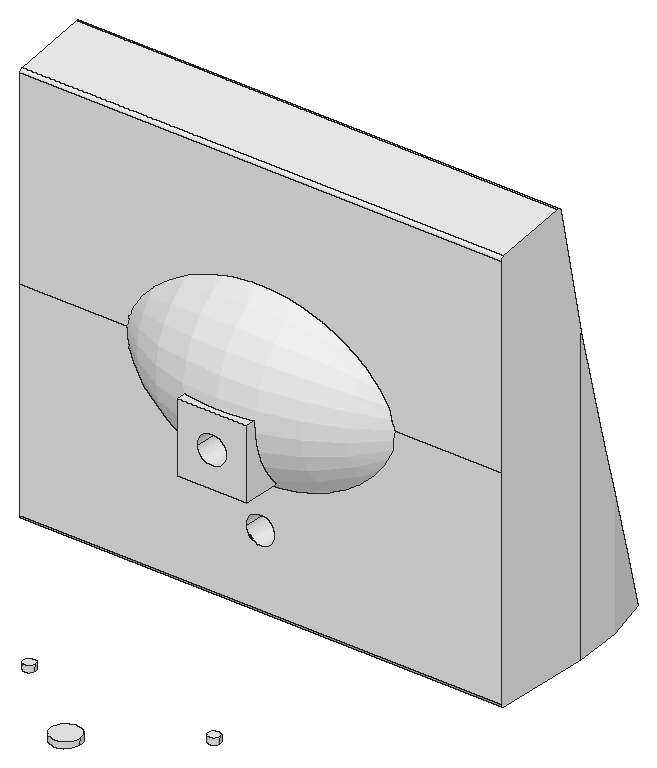
Revit family "Lavatories-Commercial_Rectangle_LT307A_TOTO", category Plumbing Fixtures, host Face, Revit 2013
Parameters
  ecoScorecard_data = "http://toto.ecoscorecard.com/product/LT307A"
  ecoScorecard Product Page = "http://toto.ecoscorecard.com/product/LT307A"
  Width = 20 7/8"  # constant formula
  Waste Connection NPT Radius = 5/8"
  Waste Connection = yes
  Warranty URL = "http://www.totousa.com/warranty-registration"
  Warranty = "One Year Limited Warranty"  # constant formula
  WFU = 0
  Vent Connection = no
  URL = "http://www.totousa.com"
  Toto BIM Number = "BM-00258"  # constant formula
  Subcategory = "Lavatories"  # constant formula
  Style = "Commercial"  # constant formula
  Spec Sheet URL = "http://assets.totousa.com/product-files/SS-00336_LT307.pdf"
  Sink Type = "Lavatory"
  Sink Configuration = "Single Sink"
  Shipping Weight = 40.00 lbf
  SanoGloss Available = no
  Sanitary Connector = "Sanitary Connection"  # constant formula
  Product Page URL = " "
  Mounting = "wall-hung"
  Material = "Vitreous China"
  Manufacturer Toll Free Phone = "1-888-295-8134"  # constant formula
  Manufacturer Phone = "(770) 282-8686"  # constant formula
  Manufacturer Fax = "(770) 282-0002"  # constant formula
  Manufacturer Email = "mailto:custservice@totousa.com"
  Manufacturer Address = "1155 Southern Road, Morrow, Georgia 30260"  # constant formula
  Model = "LT307A"  # constant formula
  Manufacturer = "TOTO USA, Inc."  # constant formula
  Industry Standards = "Meets and exceeds ASME A112.19.2/CSA B45.1"
  Hot Water Connector = "Hot Water Connection"  # constant formula
  Hot Water Connection Radius = 1/4"
  Hot Water Connection Diameter = Hot Water Connection Radius * 2  # 1/2"
  Height = 11 1/8"  # constant formula
  HWFU = 0
  HW Connection = yes
  Finish = Vitreous China - TOTO - 01 Cotton
  Description = "Lavatories, Commercial, Rectangle, Commercial Wall-Hung Lavatory"  # constant formula
  Depth = 18 1/4"  # constant formula
  Default Elevation = 33"
  Cost Info = "mailto:custservice@totousa.com"
  Color Availability = "#01 Cotton, #03 Bone, #12 Sedona Beige"  # constant formula
  Cold Water Connector = "Cold Water Connection"  # constant formula
  Cold Water Connection Radius = 1/4"
  Cold Water Connection Diameter = Cold Water Connection Radius * 2  # 1/2"
  Code Compliance = "UPC, IPC, NSPC, NPC Canada, and others"  # constant formula
  Certifications = "IAPMO(cUPC), State of Massachusetts , City of Los Angeles, and others"  # constant formula
  CWFU = 0
  CW Connection = yes
  Basin Width = 21"
  Basin Depth = 18 1/4"
  Assembly Code = "D2010310"
  ADA Compliant = yes
  95 CSI = "15410"  # constant formula
  04 CSI = "22 42 16"  # constant formula
Types (2): name | ecoScorecard_data | ecoScorecard Product Page
  (no name) | "http://toto.ecoscorecard.com/product/LT307A" | "http://toto.ecoscorecard.com/product/LT307A"
  LT307A | " " | "  "
Reference planes (in)
  plane 1 "Center (Front/Back)": y = 0
  plane 2: z = 0
  plane 3 "Center (Left/Right)": x = 0
  plane 4: x = -10.4375
  plane 5: x = 10.4375
  plane 6: z = 18
  plane 7: y = -11.125
Dimensions and locks (in)
  equal spacing: plane 4, plane 3 "Center (Left/Right)", plane 5
  "Width": nested 1 to nested 1
  plane 6 to host face = 18"
  "Height": plane 1 "Center (Front/Back)" to plane 7
  aligned and locked: plane 2 to host face
  aligned and locked: level to host face
  aligned and locked: plane 3 "Center (Left/Right)" to nested 1
  aligned: nested 1 to plane 1 "Center (Front/Back)"
  aligned and locked: plane 4 to nested 1
  aligned and locked: plane 1 "Center (Front/Back)" to nested 1
Automatic sketch dimensions
  host sketch curve to host sketch curve = 96"  (x2)
Nested families (in)
  nested 1: "LT307A" at (0, -4.1875, 0), type "LT307A"
Connectors (in)
  piping at (-4, -16.03125, -0.25), driven by "Hot Water Connection Radius", driven by "HWFU", driven by "Hot Water Connector", driven by "HW Connection", driven by "HW Connection"
    settings: on nested 1, index 1, connector radius 1/4", flow factor 0, pipe flow 0 GPM, pressure drop 0.00 psi, fitting loss kfactor 0, connector angle 0.00°, fixture units 0, engagement length 0", flow configuration 3, flow direction 1, fitting loss method 0, system type 19, joint type 0, gender type 0, connector reference index -1, connector utility 1, adjustable connector yes, is connector primary yes, fitting loss table "", connector description "Hot Water Connection"
  piping at (0, -19.0625, -0.25), driven by "WFU", driven by "Sanitary Connector", driven by "Waste Connection", driven by "Waste Connection NPT Radius", driven by "Waste Connection"
    settings: on nested 1, index 2, connector radius 5/8", flow factor 0, pipe flow 0 GPM, pressure drop 0.00 psi, fitting loss kfactor 0, connector angle 0.00°, fixture units 0, engagement length 0", flow configuration 3, flow direction 2, fitting loss method 0, system type 16, joint type 0, gender type 0, connector reference index -1, connector utility 1, adjustable connector yes, is connector primary no, fitting loss table "", connector description "Sanitary Connection"
  piping at (4, -16.03125, -0.25), driven by "Cold Water Connection Radius", driven by "CWFU", driven by "Cold Water Connector", driven by "CW Connection", driven by "CW Connection"
    settings: on nested 1, index 3, connector radius 1/4", flow factor 0, pipe flow 0 GPM, pressure drop 0.00 psi, fitting loss kfactor 0, connector angle 0.00°, fixture units 0, engagement length 0", flow configuration 3, flow direction 1, fitting loss method 0, system type 20, joint type 0, gender type 0, connector reference index -1, connector utility 1, adjustable connector yes, is connector primary no, fitting loss table "", connector description "Cold Water Connection"
Definition of nested family "LT307A"
  Parameters (values of type "LT307A")
    Waste Connection = yes
    WFU = 0
    Vent Connection = yes
    URL = ""
    Lavatory Material = Vitreous China - TOTO - 01 Cotton
    Nominal Width = 20 7/8"
    Nominal Length = 18 1/4"
    Nominal Height = 11 1/8"
    Model = ""
    Manufacturer = ""
    HWFU = 0
    HW Connection = yes
    Description = ""
    Default Elevation = 34"
    Cost Info = ""
    CWFU = 0
    CW Connection = yes
    Assembly Code = ""
  Reference planes (in)
    plane 1 "Center (Front/Back)": y = 0
    plane 2: z = 0
    plane 3 "Center (Left/Right)": x = 0
    plane 4: y = 4.1875
    plane 5: y = -4.30728
    plane 6: x = -10.4375
    plane 7: x = 10.4375
    plane 8: z = 3.34142
    plane 9: z = 13.46642
    plane 10: z = 14.60072
    plane 11: z = 4.47578
    plane 12: y = -11.875
    plane 13: x = 4
    plane 14: x = -4
    plane 15: y = -14.875
    plane 16: z = 3.25
    plane 17: z = 7.5
    plane 18: x = -2
    plane 19: x = 2
    plane 20: x = -9.625
    plane 21: x = 9.625
    plane 22: y = -1.12741
    plane 23: y = -2.43228
    plane 24: y = -6.9375
    plane 25: z = 18
    plane 26: y = -27.875
    plane 27: y = -2.43228
    plane 28: y = -2.43228
  Forms (in)
    Extrusion 1, solid
      sketch origin (0, 0, 0) x (1, 0, 0) y (0, 1, 0)
        loop
          line (-48, 48) -> (-48, -48) -> (48, -48) -> (48, 48) -> (-48, 48)
      from 0 to -12
    Extrusion 2, solid, material "Vitreous China - TOTO - 01 Cotton" <- "Lavatory Material", detail levels fine
      sketch origin (10.4375, -4.30763, 9.69723) x (0, 0, -1) y (0, 1, 0)
        loop
          line (0.5771, 0.00035) -> (9.57534, 0.00035)
          arc (9.57534, 0.00035) -> (9.66153, 0.03605) -> (9.69723, 0.12225) r 0.12189
          line (9.69723, 0.12225) -> (9.69723, 8.37536)
          arc (9.69723, 8.37536) -> (0.88603, 5.30773) -> (-8.20239, 3.1986) r 87.24033
          arc (-8.20239, 3.1986) -> (-8.28232, 3.14765) -> (-8.30277, 3.05509) r 0.12377
          line (-8.30277, 3.05509) -> (-7.784, 0.13102)
          arc (-7.784, 0.13102) -> (-7.72135, 0.0368) -> (-7.61424, 0.00035) r 0.1756
          line (-7.61424, 0.00035) -> (0.5771, 0.00035)
      from 0 to -20.875
    Extrusion 3, void
      sketch origin (0, -9.46486, 11.05252) x (1, 0, 0) y (0, 0, -1)
        loop
          line (-7.39304, -7.08675) -> (7.39398, -7.08675)
          arc (7.39398, -7.08675) -> (8.92356, -6.45517) -> (9.56193, -4.92843) r 2.16797
          arc (9.56193, -4.92843) -> (9.11207, 2.51119) -> (7.70385, 9.83014) r 57.51069
          arc (7.70385, 9.83014) -> (7.08554, 10.11387) -> (6.41221, 10.21109) r 2.38018
          line (6.41221, 10.21109) -> (-6.41323, 10.21109)
          arc (-6.41323, 10.21109) -> (-7.08593, 10.114) -> (-7.70372, 9.83065) r 2.37891
          arc (-7.70372, 9.83065) -> (-9.11197, 2.51193) -> (-9.56194, -4.92745) r 57.51069
          arc (-9.56194, -4.92745) -> (-8.92329, -6.45489) -> (-7.39304, -7.08675) r 2.16891
      from 8.33745 to 13.65236
    Extrusion 4, void
      sketch origin (0, 0, 0) x (1, 0, 0) y (0, 0, 1)
        loop
          arc (7.47128, 13.9587) -> (7.38523, 14.14087) -> (7.18869, 14.18522) r 0.2298
          arc (7.18869, 14.18522) -> (-0.08964, 14.60094) -> (-7.36797, 14.18522) r 63.92178
          arc (-7.36797, 14.18522) -> (-7.43097, 14.15913) -> (-7.45706, 14.09613) r 0.08909
          arc (-7.45706, 14.09613) -> (-7.04822, 9.49679) -> (-6.27164, 4.94509) r 57.49829
          arc (-6.27164, 4.94509) -> (-6.19542, 4.83669) -> (-6.07504, 4.78132) r 0.25443
          arc (-6.07504, 4.78132) -> (-0.01753, 4.47781) -> (6.03998, 4.78132) r 60.60172
          arc (6.03998, 4.78132) -> (6.20844, 4.82688) -> (6.30398, 4.97293) r 0.24533
          arc (6.30398, 4.97293) -> (7.0649, 9.44278) -> (7.47128, 13.9587) r 57.50401
      from -1.895 to 3.48758
    Extrusion 5, solid, material "Vitreous China - TOTO - 01 Cotton" <- "Lavatory Material", detail levels fine
      sketch origin (1.41876, -0.15625, 1.5) x (0, 1, 0) y (0, 0, 1)
        loop
          line (-4.15103, 7.47578) -> (-6.78125, 7.47578) -> (-6.78125, 4.47578) -> (-4.15103, 4.47578) -> (-4.15103, 7.47578)
      from 0.08124 to -2.91876
    Extrusion 6, solid, material "Vitreous China - TOTO - 01 Cotton" <- "Lavatory Material"
      sketch origin (0, 0, 0) x (1, 0, 0) y (0, 1, 0)
        loop
          circle (4, -11.84375) r 0.25
        loop
          circle (-4, -11.84375) r 0.25
      from -0.25 to 0
    Extrusion 7, solid, material "Vitreous China - TOTO - 01 Cotton" <- "Lavatory Material"
      sketch origin (0, 0, 0) x (1, 0, 0) y (0, 1, 0)
        loop
          circle (0, -14.875) r 0.625
      from -0.25 to 0
    Extrusion 8, void, detail levels fine
      sketch origin (0, 1.46581, 0) x (1, 0, 0) y (0, 0, 1)
        loop
          circle (0, 7.5) r 0.625
      from 8.40331 to 3.89809
    Revolve 9, solid, material "Vitreous China - TOTO - 01 Cotton" <- "Lavatory Material", detail levels fine
      sketch origin (-8.92536, -0.125, 8.92536) x (1, 0, 0) y (0, 1, 0)
        loop
          line (15.86117, -2.80763) -> (15.71119, -2.80763)
          arc (15.71119, -2.80763) -> (8.92536, -6.42833) -> (2.13953, -2.80763) r 8.16926
          line (2.13953, -2.80763) -> (1.98956, -2.80763)
          arc (1.98956, -2.80763) -> (8.92536, -6.55333) -> (15.86117, -2.80763) r 8.29426
        axis (15.86117, -2.30728) -> (1.98956, -2.30728)
      angle from -90 to 90
    Extrusion 10, void
      sketch origin (65.34541, 0, 7.5) x (0, 1, 0) y (1, 0, 0)
        loop
          arc (-0.03168, -54.90791) -> (2.065, -55.11298) -> (4.08221, -55.72041) r 10.82111
          line (4.08221, -55.72041) -> (5.17582, -55.72041) -> (5.17582, -54.90791) -> (-0.03168, -54.90791)
      from 7.5 to -10.63927
    Extrusion 11, void
      sketch origin (-65.34541, 0, 7.5) x (0, -1, 0) y (-1, 0, 0)
        loop
          line (0.03168, -54.90791) -> (-5.17582, -54.90791) -> (-5.17582, -55.72041) -> (-4.1875, -55.72041)
          arc (-4.1875, -55.72041) -> (-2.11667, -55.11288) -> (0.03168, -54.90791) r 11.36103
      from 7.5 to -10.63927
    Extrusion 12, void, detail levels fine
      sketch origin (0, 0, 0) x (-1, 0, 0) y (0, 0, 1)
        loop
          circle (-0.00424, 3.2284) r 0.61025
      from -4.30728 to -1.12741
    Extrusion 13, void
      sketch origin (65.34541, 0, 7.5) x (0, 1, 0) y (1, 0, 0)
        loop
          spline (-2.12741, -64.59541) -> (-2.25682, -64.62096) -> (-2.37741, -64.69589) -> (-2.48097, -64.81508) -> (-2.56043, -64.97041) -> (-2.61038, -65.15129) -> (-2.62741, -65.34541) -> (-2.61038, -65.53952) -> (-2.56043, -65.72041) -> (-2.48097, -65.87574) -> (-2.37741, -65.99493) -> (-2.25682, -66.06985) -> (-2.12741, -66.09541)
          spline (-2.12741, -66.09541) -> (-1.998, -66.06985) -> (-1.87741, -65.99493) -> (-1.77386, -65.87574) -> (-1.6944, -65.72041) -> (-1.64445, -65.53952) -> (-1.62741, -65.34541) -> (-1.64445, -65.15129) -> (-1.6944, -64.97041) -> (-1.77386, -64.81508) -> (-1.87741, -64.69589) -> (-1.998, -64.62096) -> (-2.12741, -64.59541)
      from -8.56328 to -6.73294
    Extrusion 14, solid, material "Vitreous China - TOTO - 01 Cotton" <- "Lavatory Material", detail levels coarse
      sketch origin (0, 0, 0) x (1, 0, 0) y (0, 0, 1)
        loop
          line (-10.4375, 18) -> (-10.4375, 0) -> (10.4375, 0) -> (10.4375, 18) -> (-10.4375, 18)
      from -4.1875 to 6.9375
    Revolve 15, solid, material "Vitreous China - TOTO - 01 Cotton" <- "Lavatory Material", detail levels medium
      sketch origin (-8.92536, -0.125, 8.92536) x (1, 0, 0) y (0, 1, 0)
        loop
          line (15.86117, -2.80763) -> (15.71119, -2.80763)
          arc (15.71119, -2.80763) -> (8.92536, -6.42833) -> (2.13953, -2.80763) r 8.16926
          line (2.13953, -2.80763) -> (1.98956, -2.80763)
          arc (1.98956, -2.80763) -> (8.92536, -6.55333) -> (15.86117, -2.80763) r 8.29426
        axis (15.86117, -2.30728) -> (1.98956, -2.30728)
      angle from 0 to 360
    Extrusion 16, solid, material "Vitreous China - TOTO - 01 Cotton" <- "Lavatory Material", detail levels medium
      sketch origin (10.4375, -4.30763, 9.69723) x (0, 0, -1) y (0, 1, 0)
        loop
          line (0.5771, 0.00035) -> (9.57534, 0.00035)
          arc (9.57534, 0.00035) -> (9.66153, 0.03605) -> (9.69723, 0.12225) r 0.12189
          line (9.69723, 0.12225) -> (9.69723, 8.37536)
          arc (9.69723, 8.37536) -> (0.88603, 5.30773) -> (-8.20239, 3.1986) r 87.24033
          arc (-8.20239, 3.1986) -> (-8.28232, 3.14765) -> (-8.30277, 3.05509) r 0.12377
          line (-8.30277, 3.05509) -> (-7.784, 0.13102)
          arc (-7.784, 0.13102) -> (-7.72135, 0.0368) -> (-7.61424, 0.00035) r 0.1756
          line (-7.61424, 0.00035) -> (0.5771, 0.00035)
      from -20.875 to 0
    Revolve 17, solid, material "Vitreous China - TOTO - 01 Cotton" <- "Lavatory Material", detail levels medium
      sketch origin (-8.92536, -0.125, 8.92536) x (1, 0, 0) y (0, 1, 0)
        loop
          line (15.86117, -2.80763) -> (15.71119, -2.80763)
          arc (15.71119, -2.80763) -> (8.92536, -6.42833) -> (2.13953, -2.80763) r 8.16926
          line (2.13953, -2.80763) -> (1.98956, -2.80763)
          arc (1.98956, -2.80763) -> (8.92536, -6.55333) -> (15.86117, -2.80763) r 8.29426
        axis (15.86117, -2.30728) -> (1.98956, -2.30728)
      angle from 0 to 360
  Cuts and joins
    Extrusion 3, Extrusion 4, Extrusion 8, Extrusion 10, Extrusion 11, Extrusion 12, Extrusion 13 cuts Extrusion 2
    Extrusion 3, Extrusion 8, Extrusion 11, Extrusion 12, Extrusion 13 cuts Extrusion 5
    Extrusion 3, Extrusion 4, Extrusion 8, Extrusion 11, Extrusion 12, Extrusion 13 cuts Revolve 9
    joined: Extrusion 2, Extrusion 5, Revolve 9
    Extrusion 4 cuts Revolve 15
    Extrusion 3, Extrusion 4, Extrusion 10, Extrusion 11 cuts Extrusion 16
    Extrusion 4 cuts Revolve 17
    joined: Revolve 15, Extrusion 16, Revolve 17
  Lines and regions (in)
    symbolic lines, detail levels medium+fine
      curve 1: arc (-7.45711, 0, 14.06222) -> (-7.05206, 0, 9.49769) -> (-6.28493, 0, 4.97989) r 57.51888
      curve 2: arc (7.29956, 0, 14.29909) -> (-0.0657, 0, 14.59396) -> (-7.42943, 0, 14.26329) r 86.8606
      curve 3: arc (6.32072, 0, 4.93867) -> (7.09872, 0, 9.52224) -> (7.50398, 0, 14.15367) r 57.51757
      curve 4: arc (-6.06284, 0, 4.78898) -> (0.02848, 0, 4.51656) -> (6.1218, 0, 4.73975) r 75.01585
      curve 8: arc (-7.70372, 0, 1.22187) -> (-9.11197, 0, 8.54059) -> (-9.56194, 0, 15.97996) r 57.51069
      curve 9: arc (-6.41323, 0, 0.84142) -> (-7.08593, 0, 0.93852) -> (-7.70372, 0, 1.22187) r 2.37891
      curve 10: line (-6.41323, 0, 0.84142) -> (6.41221, 0, 0.84142)
      curve 11: arc (7.70385, 0, 1.22237) -> (7.08554, 0, 0.93865) -> (6.41221, 0, 0.84142) r 2.38018
      curve 12: arc (9.56193, 0, 15.98094) -> (9.11207, 0, 8.54133) -> (7.70385, 0, 1.22237) r 57.51069
      curve 15: arc (-6.28493, 0, 4.97989) -> (-6.20619, 0, 4.84685) -> (-6.06284, 0, 4.78898) r 0.2411
      curve 16: arc (-7.45711, 0, 14.06222) -> (-7.45262, 0, 14.16404) -> (-7.42943, 0, 14.26329) r 0.55043
      curve 17: arc (7.29956, 0, 14.29909) -> (7.44146, 0, 14.28217) -> (7.50398, 0, 14.15367) r 0.14913
      curve 18: arc (6.1218, 0, 4.73975) -> (6.26246, 0, 4.79801) -> (6.32072, 0, 4.93867) r 0.19892
      curve 22: line (0, -4.17661, 17.48123) -> (0, -1.25254, 18)
      curve 24: line (0, -4.30728, 0) -> (0, -4.30728, 9.12013)
      curve 25: line (0, -4.30728, 9.12013) -> (0, -4.30728, 17.31147)
      curve 26: arc (0, -4.30728, 17.31147) -> (0, -4.27083, 17.41858) -> (0, -4.17661, 17.48123) r 0.1756
      curve 27: arc (0, 4.06773, 0) -> (0, 1.0001, 8.81121) -> (0, -1.10903, 17.89962) r 87.24033
      curve 28: arc (0, -4.30728, 12.72578) -> (0, -6.02431, 11.18689) -> (0, -6.67803, 8.97578) r 4.2261
      curve 31: arc (0, -6.67803, 8.97578) -> (0, -6.0493, 6.71032) -> (0, -4.30728, 5.13141) r 4.2261
      curve 39: arc (-9.56194, 0, 15.97996) -> (-9.21326, 0, 17.14977) -> (-8.28804, 0, 17.946) r 2.16891
      curve 40: arc (8.28878, 0, 17.946) -> (9.21345, 0, 17.15013) -> (9.56193, 0, 15.98094) r 2.16797
      curve 41: line (-8.28804, 0, 17.946) -> (8.28878, 0, 17.946)
      curve 42: spline (-7.70221, 3.57862, 0) -> (-7.99959, 3.12617, 0) -> (-8.27155, 2.68959, 0) -> (-8.51792, 2.26914, 0) -> (-8.73856, 1.86508, 0) -> (-8.93333, 1.47767, 0) -> (-9.1021, 1.10714, 0) -> (-9.24477, 0.75373, 0) -> (-9.36125, 0.41766, 0) -> (-9.45147, 0.09913, 0) -> (-9.51537, -0.20165, 0) -> (-9.55292, -0.4845, 0) -> (-9.56408, -0.74925, 0)
      curve 43: spline (-6.4256, 3.72838, 0) -> (-6.53891, 3.72685, 0) -> (-6.65189, 3.72326, 0) -> (-6.76425, 3.71762, 0) -> (-6.87571, 3.70994, 0) -> (-6.986, 3.70025, 0) -> (-7.09482, 3.68857, 0) -> (-7.20192, 3.67492, 0) -> (-7.30701, 3.65935, 0) -> (-7.40985, 3.64188, 0) -> (-7.51016, 3.62257, 0) -> (-7.60769, 3.60147, 0) -> (-7.70221, 3.57862, 0)
      curve 44: line (6.429, 3.72838, 0) -> (-6.4256, 3.72838, 0)
      curve 45: spline (7.70132, 3.57859, 0) -> (7.6071, 3.6015, 0) -> (7.50988, 3.62265, 0) -> (7.4099, 3.64199, 0) -> (7.30742, 3.65949, 0) -> (7.20269, 3.67508, 0) -> (7.09596, 3.68873, 0) -> (6.98752, 3.70041, 0) -> (6.87762, 3.71009, 0) -> (6.76654, 3.71774, 0) -> (6.65455, 3.72335, 0) -> (6.54195, 3.7269, 0) -> (6.429, 3.72838, 0)
      curve 46: spline (9.56331, -0.74894, 0) -> (9.55138, -0.48517, 0) -> (9.51322, -0.20312, 0) -> (9.44883, 0.09703, 0) -> (9.35826, 0.41509, 0) -> (9.24156, 0.75088, 0) -> (9.09881, 1.10417, 0) -> (8.9301, 1.47476, 0) -> (8.73553, 1.8624, 0) -> (8.51522, 2.26686, 0) -> (8.26931, 2.68789, 0) -> (7.99795, 3.12522, 0) -> (7.70132, 3.57859, 0)
      curve 47: spline (8.11891, -1.12741, 0) -> (8.3247, -1.11399, 0) -> (8.52052, -1.09639, 0) -> (8.70438, -1.07481, 0) -> (8.87438, -1.04945, 0) -> (9.02877, -1.02059, 0) -> (9.16598, -0.98852, 0) -> (9.28459, -0.95356, 0) -> (9.38337, -0.91608, 0) -> (9.46133, -0.87647, 0) -> (9.51765, -0.83512, 0) -> (9.55176, -0.79246, 0) -> (9.56331, -0.74894, 0)
      curve 48: line (-8.28804, -1.12741, 0) -> (8.11891, -1.12741, 0)
      curve 49: arc (-9.67212, 4.06773, 0) -> (-10.24452, 2.05344, 0) -> (-10.4375, -0.03168, 0) r 11.36103
      curve 50: line (-9.67212, 4.06773, 0) -> (9.63094, 4.06773, 0)
      curve 51: arc (10.4375, -0.03168, 0) -> (10.23395, 2.05732, 0) -> (9.63094, 4.06773, 0) r 10.82111
      curve 54: line (-10.4375, -4.30728, 0) -> (10.4375, -4.30728, 0)
      curve 55: line (-8.28804, -1.12741, 0) -> (-10.4375, -1.12741, 0)
      curve 56: line (10.4375, -1.10903, 0) -> (8.1875, -1.10903, 0)
      curve 60: arc (5.79575, -4.30728, 0) -> (3.815, -5.74549, 0) -> (1.5, -6.54086, 0) r 8.26978
      curve 61: arc (-1.5, -6.54086, 0) -> (-3.815, -5.74549, 0) -> (-5.79575, -4.30728, 0) r 8.26978
      curve 66: spline (-8.11551, -1.12741, 0) -> (-8.32176, -1.11403, 0) -> (-8.51804, -1.09647, 0) -> (-8.70234, -1.07492, 0) -> (-8.87277, -1.0496, 0) -> (-9.02758, -1.02077, 0) -> (-9.16517, -0.98872, 0) -> (-9.28413, -0.95379, 0) -> (-9.38324, -0.91634, 0) -> (-9.46148, -0.87674, 0) -> (-9.51805, -0.8354, 0) -> (-9.55237, -0.79276, 0) -> (-9.56408, -0.74925, 0)
      curve 71: arc (-1.5, -6.54086, 0) -> (0, -6.67803, 0) -> (1.5, -6.54086, 0) r 8.26978
      curve 72: line (-7.70221, 3.57862, 0) -> (-7.70221, -1.12741, 0)
      curve 73: line (7.70221, 3.57862, 0) -> (7.70221, -1.12741, 0)
    symbolic lines, detail levels fine
      curve 5: arc (0.625, 0, 7.5) -> (0, 0, 6.875) -> (-0.625, 0, 7.5) r 0.625
      curve 6: arc (-0.625, 0, 7.5) -> (0, 0, 8.125) -> (0.625, 0, 7.5) r 0.625
      curve 7: circle (0, 0, 7.5) r 1 normal (0, -1, 0)
      curve 13: arc (0.61449, 0, 3.2284) -> (0.00424, 0, 2.61816) -> (-0.60601, 0, 3.2284) r 0.61025
      curve 14: arc (-0.60601, 0, 3.2284) -> (0.00424, 0, 3.83865) -> (0.61449, 0, 3.2284) r 0.61025
      curve 21: line (0, -6.9375, 5.97578) -> (0, -4.30728, 5.97578)
      curve 29: line (0, -6.67803, 8.97578) -> (0, -6.9375, 8.97578)
      curve 58: line (1.5, -6.9375, 0) -> (1.5, -6.54086, 0)
      curve 59: line (-1.5, -6.54086, 0) -> (-1.5, -6.9375, 0)
    symbolic lines, detail levels coarse
      curve 19: line (0, 4.1875, 18) -> (0, -6.9375, 18)
      curve 20: line (0, 4.1875, 0) -> (0, 4.1875, 18)
      curve 32: line (0, -6.9375, 8.97578) -> (0, -6.9375, 18)
      curve 33: line (0, -6.9375, 5.97578) -> (0, -6.9375, 0)
      curve 34: line (0, -4.18538, 0) -> (0, -6.9375, 0)
      curve 35: line (-10.4375, 0, 18) -> (10.4375, 0, 18)
      curve 36: line (-10.4375, 0, 18) -> (-10.4375, 0, 0)
      curve 37: line (10.4375, 0, 0) -> (10.4375, 0, 18)
      curve 38: line (10.4375, 0, 0) -> (-10.4375, 0, 0)
      curve 62: line (-10.4375, 4.1875, 0) -> (10.4375, 4.1875, 0)
      curve 63: line (-10.4375, -0.03168, 0) -> (-10.4375, 4.1875, 0)
      curve 64: line (10.4375, -6.9375, 0) -> (1.5, -6.9375, 0)
      curve 65: line (10.4375, 4.1875, 0) -> (10.4375, -0.03168, 0)
      curve 67: line (-10.4375, -4.30728, 0) -> (-10.4375, -6.9375, 0)
      curve 68: line (10.4375, -4.30728, 0) -> (10.4375, -6.9375, 0)
      curve 69: line (-1.5, -6.9375, 0) -> (-10.4375, -6.9375, 0)
      curve 70: line (0, 4.06773, 0) -> (0, 4.1875, 0)
    symbolic lines
      curve 23: line (0, 4.06773, 0) -> (0, -4.18538, 0)
      curve 52: line (10.4375, -4.30728, 0) -> (10.4375, -0.03168, 0)
      curve 53: line (-10.4375, -0.03168, 0) -> (-10.4375, -4.30728, 0)
    symbolic lines, detail levels coarse+fine
      curve 30: line (0, -6.9375, 5.97578) -> (0, -6.9375, 8.97578)
      curve 57: line (-1.5, -6.9375, 0) -> (1.5, -6.9375, 0)
  Dimensions and locks (in)
    locked: plane 6 to plane 7 at 20.875
    locked: plane 5 to plane 4 at 8.49478
    plane 6 to plane 7 = 20 7/8"
    locked: plane 11 to plane 10 at 10.12494
    locked: Extrusion 1 to plane 16 at 3.25
    locked: Extrusion 1 to plane 17 at 7.5
    locked: plane 19 to plane 18 at 4
    locked: plane 14 to plane 13 at 8
    locked: plane 20 to plane 21 at 19.25
    plane 17 to plane 16 = 4 1/4"
    plane 17 to Extrusion 1 = 7 1/2"
    plane 5 to plane 4 = 8.49478"
    locked: plane 5 to plane 22 at 3.17987
    plane 11 to plane 10 = 10.12494"
    plane 20 to plane 21 = 19 1/4"
    plane 14 to plane 13 = 8"
    plane 7 to plane 6 = 20 7/8"
    plane 21 to plane 20 = 19 1/4"
    plane 10 to plane 11 = 10.12494"
    plane 16 to Extrusion 1 = 3 1/4"
    plane 1 "Center (Front/Back)" to plane 12 = 11 7/8"
    locked: plane 12 to plane 15 at 3
    locked: plane 23 to plane 4 at 6.61978
    equal spacing: Revolve 9 sketch curve, plane 3 "Center (Left/Right)", Revolve 9 sketch curve, locked at 6.93581 each
    plane 18 to cut or joined group 1 (Extrusion 2, Extrusion 3, Extrusion 4, Extrusion 5, Extrusion 8, Revolve 9, Extrusion 10, Extrusion 11, Extrusion 12, Extrusion 13) to cut or joined group 1 to plane 19 = 1/2" locked, 3" locked, 1/2" locked
    locked: cut or joined group 1 to plane 4 at 7.67508
    locked: plane 16 to Extrusion 12 sketch curve at 0.0216
    locked: Extrusion 12 sketch curve to plane 3 "Center (Left/Right)" at 0.00424
    locked: cut or joined group 1 to plane 10 at 1.46256
    locked: plane 3 "Center (Left/Right)" to Extrusion 13 sketch curve at 0
    locked: plane 22 to Extrusion 13 sketch curve at 1
    "Nominal Height": plane 24 to plane 4
    locked: Extrusion 5 sketch curve to plane 17 at 1.47578
    locked: Extrusion 5 sketch curve to plane 17 at 1.52422
    plane 25 to plane 2 = 18"
    locked: plane 25 to Extrusion 2 sketch curve at 0.51877
    locked: plane 25 to Extrusion 2 sketch curve at 0.68853
    locked: Extrusion 2 sketch curve to plane 25
    locked: plane 25 to Extrusion 2 sketch curve at 0.10038
    Extrusion 4 sketch curve to plane 3 "Center (Left/Right)" = 7.18869"
    Extrusion 4 sketch curve to plane 21 = 2.15372"
    Extrusion 4 sketch curve to plane 21 = 3.32102"
    locked: Extrusion 4 sketch curve to plane 11 at 0.30554  (x2)
    locked: plane 25 to Extrusion 3 sketch curve at 2.02004
    locked: Extrusion 3 sketch curve to plane 25 at 0.13927
    locked: Extrusion 3 sketch curve to plane 21 at 0.06307
    locked: Extrusion 3 sketch curve to plane 21 at 1.92115
    locked: plane 16 to Extrusion 3 sketch curve at 2.40858
    locked: Extrusion 3 sketch curve to plane 2 at 0.84142
    plane 16 to Extrusion 3 sketch curve = 2.40858"
    locked: plane 16 to Extrusion 3 sketch curve at 2.02813
    locked: plane 17 to Extrusion 8 sketch curve at 0
    locked: plane 3 "Center (Left/Right)" to Extrusion 8 sketch curve at 0
    locked: plane 15 to Extrusion 7 sketch curve at 0
    locked: plane 3 "Center (Left/Right)" to Extrusion 7 sketch curve at 0
    locked: Extrusion 6 sketch curve to plane 12 at 0.03125  (x2)
    locked: plane 14 to Extrusion 6 sketch curve at 0
    locked: plane 13 to Extrusion 6 sketch curve at 0
    locked: plane 17 to curve 7 at 0
    locked: plane 3 "Center (Left/Right)" to curve 7 at 0
    locked: Extrusion 7 to plane 2 at 0
    Extrusion 6 to plane 2 = 0"
    locked: Extrusion 7 to plane 2 at 0.25
    locked: Extrusion 6 to plane 2 at 0.25
    curve 15 to plane 20 = 3.34007"
    curve 15 to plane 20 = 3.56216"
    locked: plane 22 to plane 12 at 10.74759
    locked: plane 22 to Revolve 9 sketch curve at 1.80522  (x2)
    locked: plane 4 to Extrusion 11 sketch curve at 0.98832
    locked: Extrusion 11 sketch curve to plane 6 at 0
    locked: plane 20 to Extrusion 11 sketch curve
    locked: Extrusion 11 sketch curve to plane 4 at 0
    locked: Extrusion 11 sketch curve to plane 1 "Center (Front/Back)" at 0.03168
    locked: Extrusion 10 sketch curve to plane 4 at 0.98832
    locked: plane 25 to Extrusion 4 sketch curve at 3.81478  (x2)
    locked: Extrusion 4 sketch curve to plane 21 at 2.15372
    locked: Extrusion 4 sketch curve to plane 21 at 3.32102
    Extrusion 4 sketch curve to plane 11 = 0.30554"
    locked: Extrusion 4 sketch curve to plane 20 at 3.35336
    locked: plane 10 to Extrusion 4 sketch curve at 0.50459
    plane 10 to Extrusion 4 sketch curve = 0.4155"
    locked: plane 10 to curve 16 at 0.33743
    locked: plane 10 to curve 17 at 0.30163
    locked: curve 17 to plane 21 at 2.12102
    curve 12 to plane 21 = 1.92115"
    locked: plane 10 to curve 16 at 0.5385
    locked: curve 18 to plane 21 at 3.30428
    locked: curve 18 to plane 11 at 0.26397
    locked: curve 15 to plane 11 at 0.3132
    locked: curve 15 to plane 20 at 3.34007
    locked: plane 15 to plane 26 at 13
    level to Extrusion 14 = 18"
    Revolve 15 sketch curve to Revolve 15 sketch curve = 13.87161"
    Revolve 17 sketch curve to Revolve 17 sketch curve = 13.87161"
    locked: Extrusion 7 sketch curve to Extrusion 7 sketch curve (radius 5/8")
    radius of Extrusion 8 sketch curve = 5/8"
    radius of Extrusion 6 sketch curve = 1/4"  (x2)
    locked: Revolve 9 to Revolve 9 (angle 180.00°)
    aligned and locked: plane 2 to Extrusion 1
    aligned and locked: level to Extrusion 1
    aligned and locked: Revolve 9 to Extrusion 8
    aligned: Extrusion 2 to Extrusion 10
    aligned and locked: Extrusion 10 to Extrusion 11
    aligned: Extrusion 11 to Extrusion 2
    aligned and locked: plane 21 to Extrusion 10 sketch curve
    aligned and locked: plane 23 to Revolve 9 sketch curve
    aligned: Extrusion 2 to plane 7
    aligned: Extrusion 2 to plane 6
    aligned: Extrusion 4 to Extrusion 3
    aligned and locked: Extrusion 12 to Extrusion 3
    aligned and locked: Extrusion 12 to plane 5
    aligned: Extrusion 4 to Extrusion 13
    aligned and locked: Extrusion 5 sketch curve to plane 24
    aligned and locked: plane 5 to Extrusion 5 sketch curve
    aligned and locked: Extrusion 5 to Extrusion 8
    aligned and locked: Extrusion 2 sketch curve to plane 2
    aligned and locked: plane 5 to Extrusion 2 sketch curve
    aligned and locked: cut or joined group 1 to plane 6
    aligned and locked: cut or joined group 1 to plane 7
    aligned and locked: cut or joined group 1 to plane 2
    aligned and locked: plane 22 to Extrusion 12
    aligned and locked: curve 5 to cut or joined group 1
    aligned and locked: curve 6 to cut or joined group 1
    aligned: Extrusion 6 to plane 2
    aligned: Extrusion 7 to plane 2
    aligned: plane 2 to Extrusion 6
    aligned and locked: curve 8 to cut or joined group 1
    aligned and locked: curve 9 to cut or joined group 1
    aligned and locked: curve 11 to cut or joined group 1
    aligned and locked: curve 12 to cut or joined group 1
    aligned and locked: curve 13 to cut or joined group 1
    aligned and locked: curve 14 to cut or joined group 1
    aligned and locked: level to Extrusion 7
    aligned and locked: level to Extrusion 6
    aligned and locked: Extrusion 11 to Extrusion 3
    aligned and locked: Extrusion 11 to level
    aligned and locked: Extrusion 10 sketch curve to plane 7
    aligned and locked: Extrusion 10 to Extrusion 3
    aligned and locked: Extrusion 10 to level
    aligned and locked: Extrusion 3 to plane 4
    aligned and locked: Extrusion 14 to plane 4
    aligned and locked: Extrusion 14 to plane 24
    aligned and locked: plane 27 to Revolve 15 sketch curve
    aligned and locked: plane 28 to Revolve 17 sketch curve
  Automatic sketch dimensions
    curve 60 to curve 61 = 0"  (x2)
    curve 60 to curve 71 = 0"  (x2)
    curve 61 to curve 71 = 0"  (x2)
    plane 4 to curve 63 = 0"
    curve 63 to plane 6 = 0"
    curve 48 to plane 22 = 0"
    curve 61 to plane 5 = 0"
    curve 69 to plane 24 = 0"
    curve 61 to plane 3 "Center (Left/Right)" = 0"
    curve 65 to plane 7 = 0"
    curve 46 to plane 6 = 22.22004"
    curve 49 to plane 20 = 0.04712"
    plane 20 to curve 66 = 0.06092"
    curve 66 to curve 66 = 0"
    plane 20 to curve 42 = 0.34721"
    plane 20 to curve 43 = 0.95678"
    curve 42 to curve 48 = 0.98975"
    curve 48 to curve 66 = 0.17253"
    plane 4 to curve 43 = 0.60888"
    curve 43 to curve 43 = 0.966"
    curve 72 to curve 66 = 0.35014"
    curve 72 to curve 44 = 1.27662"
    curve 43 to curve 43 = 0.01964"
    plane 14 to curve 61 = 1.79575"
    plane 18 to curve 59 = 1/2"
    plane 1 "Center (Front/Back)" to curve 51 = 0.03168"
    curve 51 to plane 3 "Center (Left/Right)" = 0.38361"
    plane 1 "Center (Front/Back)" to curve 49 = 0.03168"
    plane 3 "Center (Left/Right)" to curve 49 = 0.92353"
    curve 57 to plane 19 = 1/2"
    curve 45 to plane 13 = 2.40464"
    curve 45 to curve 44 = 0.02435"
    plane 22 to curve 47 = 0.41945"
    plane 21 to curve 47 = 2 69/256"
    plane 4 to curve 45 = 0.60891"
    curve 44 to curve 45 = 1.27232"
    curve 47 to curve 73 = 0.34674"
    curve 73 to curve 47 = 0.4167"
    plane 22 to curve 56 = 0.01839"
    curve 47 to curve 56 = 0.06859"
    plane 21 to curve 45 = 0.95706"
    plane 21 to curve 46 = 0.34843"
    plane 1 "Center (Front/Back)" to curve 47 = 0.75016"
    curve 47 to curve 47 = 0"
    curve 42 to plane 7 = 22.42696"
    curve 57 to curve 61 = 0.39664"
    curve 42 to curve 48 = 0.59944"
    curve 45 to curve 46 = 0.68082"
    curve 45 to curve 73 = 0.00003"
    curve 70 to level = 0"
    curve 70 to plane 4 = 0"
    plane 4 to curve 70 = 0.11977"
    Extrusion 1 sketch curve to Extrusion 1 sketch curve = 96"  (x2)
    curve 35 to plane 6 = 0"
    plane 7 to curve 35 = 0"
    curve 37 to level = 0"
    curve 35 to plane 25 = 0"
    curve 3 to plane 25 = 1.15231"
    curve 3 to curve 12 = 2.00227"
    plane 20 to curve 39 = 0.06306"
    curve 8 to curve 39 = 0"
    curve 41 to plane 25 = 0.054"
    plane 6 to curve 41 = 2.14946"
    curve 1 to curve 39 = 0.06406"
    curve 16 to curve 1 = 0"
    curve 16 to curve 16 = 0.02767"
    curve 1 to curve 16 = 0.54978"
    curve 1 to curve 15 = 0"
    curve 1 to curve 15 = 0.2359"
    plane 3 "Center (Left/Right)" to curve 2 = 0.14541"
    plane 3 "Center (Left/Right)" to curve 4 = 0.33161"
    curve 18 to curve 18 = 0.19892"
    curve 2 to curve 17 = 0.20442"
    curve 2 to curve 17 = 0.05546"
    curve 17 to curve 40 = 0.09442"
    plane 21 to curve 41 = 1.33622"
    plane 21 to curve 12 = 0.06307"
    plane 25 to Extrusion 2 sketch curve = 15.04873"
    Extrusion 2 sketch curve to Extrusion 2 sketch curve = 0"
    Extrusion 2 sketch curve to plane 22 = 0.10351"
    Extrusion 2 sketch curve to Extrusion 2 sketch curve = 0.12187"
    plane 17 to Extrusion 2 sketch curve = 1.62013"
    level to Extrusion 2 sketch curve = 0.12189"
    plane 5 to Extrusion 2 sketch curve = 0.13067"
    Extrusion 2 sketch curve to Extrusion 2 sketch curve = 0.02162"
    plane 21 to Extrusion 3 sketch curve = 2.23102"
    Extrusion 3 sketch curve to plane 16 = 0.0284"
    Extrusion 3 sketch curve to Extrusion 3 sketch curve = 1.29164"
    plane 14 to Extrusion 3 sketch curve = 2.41323"
    plane 20 to Extrusion 3 sketch curve = 2.23196"
    Extrusion 3 sketch curve to Extrusion 3 sketch curve = 1.29049"
    Extrusion 3 sketch curve to Extrusion 3 sketch curve = 2.16889"
    Extrusion 3 sketch curve to Extrusion 3 sketch curve = 0"
    plane 10 to Extrusion 3 sketch curve = 1.12439"
    Extrusion 3 sketch curve to Extrusion 3 sketch curve = 38.38626"
    Extrusion 4 sketch curve to plane 3 "Center (Left/Right)" = 7.36797"
    Extrusion 4 sketch curve to plane 25 = 1.14941"
    Extrusion 4 sketch curve to plane 6 = 39.52246"
    Extrusion 4 sketch curve to Extrusion 4 sketch curve = 0.1966"
    Extrusion 4 sketch curve to Extrusion 4 sketch curve = 0.23906"
    Extrusion 4 sketch curve to plane 3 "Center (Left/Right)" = 0.01753"
    Extrusion 4 sketch curve to Extrusion 4 sketch curve = 0.23965"
    Extrusion 4 sketch curve to Extrusion 4 sketch curve = 0.05281"
    Extrusion 4 sketch curve to plane 25 = 1.11666"
    Extrusion 4 sketch curve to plane 7 = 39.53614"
    Extrusion 4 sketch curve to level = 49.32084"
    Extrusion 4 sketch curve to Extrusion 4 sketch curve = 0.19161"
    plane 25 to Extrusion 4 sketch curve = 47.07954"
    Revolve 9 sketch curve to Revolve 9 sketch curve = 0"  (x2)
    plane 18 to Revolve 9 sketch curve = 0.17536"
    plane 14 to Revolve 9 sketch curve = 2.78583"
    Revolve 9 sketch curve to Revolve 9 sketch curve = 0.14998"
    plane 13 to Revolve 9 sketch curve = 0.82464"
    Revolve 9 sketch curve to plane 1 "Center (Front/Back)" = 1.61593"
    plane 4 to Extrusion 10 sketch curve = 0.10529"
    plane 1 "Center (Front/Back)" to Extrusion 10 sketch curve = 0.03168"
    Extrusion 13 sketch curve to Extrusion 13 sketch curve = 3/4"
    Extrusion 14 sketch curve to level = 0"
    Extrusion 14 sketch curve to plane 6 = 0"
    plane 7 to Extrusion 14 sketch curve = 0"
    Extrusion 14 sketch curve to plane 25 = 0"
    Revolve 15 sketch curve to Revolve 15 sketch curve = 0"  (x2)
    Revolve 15 sketch curve to plane 3 "Center (Left/Right)" = 0"
    plane 18 to Revolve 15 sketch curve = 0.17536"
    plane 27 to Revolve 15 sketch curve = 0.50035"  (x2)
    plane 14 to Revolve 15 sketch curve = 2.78583"
    Revolve 15 sketch curve to Revolve 15 sketch curve = 0.14998"
    plane 13 to Revolve 15 sketch curve = 0.82464"
    Revolve 15 sketch curve to plane 1 "Center (Front/Back)" = 1.61593"
    Extrusion 16 sketch curve to plane 25 = 0"
    Extrusion 16 sketch curve to plane 5 = 0"
    Extrusion 16 sketch curve to level = 0"
    plane 25 to Extrusion 16 sketch curve = 15.04873"
    plane 22 to Extrusion 16 sketch curve = 0.01839"
    Extrusion 16 sketch curve to plane 25 = 0.10038"
    Extrusion 16 sketch curve to Extrusion 16 sketch curve = 0"
    Extrusion 16 sketch curve to plane 22 = 0.10351"
    Extrusion 16 sketch curve to Extrusion 16 sketch curve = 0.02149"
    plane 5 to Extrusion 16 sketch curve = 0.13067"
    Extrusion 16 sketch curve to plane 25 = 0.51877"
    Extrusion 16 sketch curve to Extrusion 16 sketch curve = 0.16976"
    plane 17 to Extrusion 16 sketch curve = 1.62013"
    level to Extrusion 16 sketch curve = 0.12189"
    Revolve 17 sketch curve to Revolve 17 sketch curve = 0"  (x2)
    Revolve 17 sketch curve to plane 3 "Center (Left/Right)" = 0"
    plane 18 to Revolve 17 sketch curve = 0.17536"
    plane 28 to Revolve 17 sketch curve = 0.50035"  (x2)
    plane 14 to Revolve 17 sketch curve = 2.78583"
    Revolve 17 sketch curve to Revolve 17 sketch curve = 0.14998"
    plane 13 to Revolve 17 sketch curve = 0.82464"
    Revolve 17 sketch curve to plane 1 "Center (Front/Back)" = 1.61593"
    curve 28 to curve 31 = 0"  (x2)
    curve 34 to level = 0"
    curve 34 to plane 24 = 0"
    curve 25 to plane 5 = 0"
    curve 22 to plane 25 = 0"
    curve 20 to plane 4 = 0"
    curve 20 to level = 0"
    plane 24 to curve 28 = 0.25947"
    curve 24 to curve 34 = 0.12189"
    plane 5 to curve 22 = 0.13067"
    curve 26 to curve 26 = 0.1756"
    curve 28 to plane 22 = 1.32478"
    curve 22 to plane 22 = 0.12513"
    plane 22 to curve 27 = 0.01839"
    curve 23 to curve 20 = 0.11977"
    plane 25 to curve 27 = 15.04873"
    curve 27 to plane 4 = 80.61842"
    curve 31 to plane 11 = 0.65563"
    curve 31 to curve 21 = 0.84437"
    curve 21 to curve 28 = 2.95282"
    plane 17 to curve 25 = 1.62013"
    curve 25 to plane 25 = 0.68853"
    radius of curve 7 = 1"
    radius of Extrusion 12 sketch curve = 0.61025"
